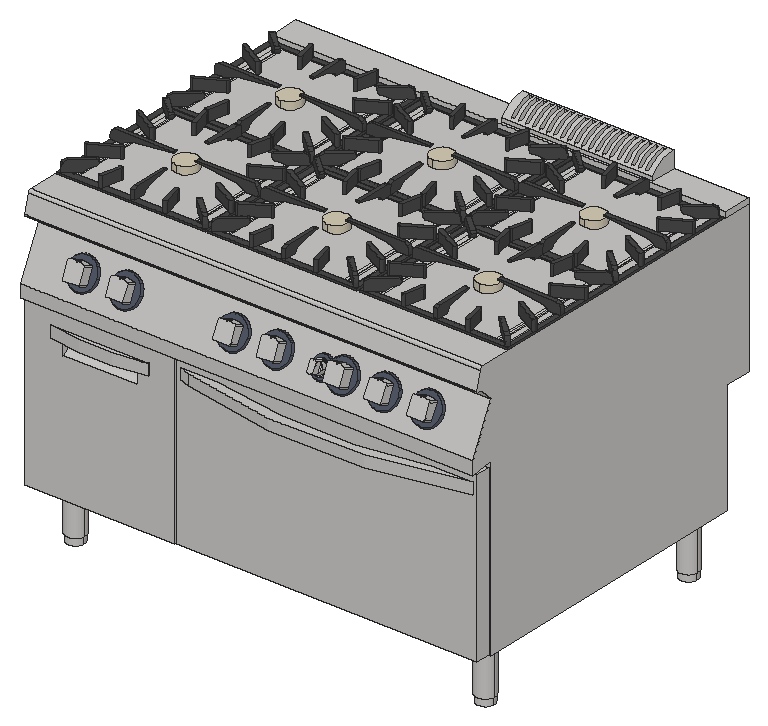
Revit family "QF_ZANUSSI_392014_Z9GCGL6S1M", category Specialty Equipment, Revit 2018
Family settings
  Round Connector Dimension = Use Diameter
  Part Type = Normal
  Work Plane-Based = No
  Always vertical = Yes
  Cut with Voids When Loaded = No
  Shared = No
  Room Calculation Point = No
Parameters
  Width = 1200 mm  # constant formula
  Weight in Pounds = 203  # constant formula
  Weight = 0.00 kg
  Watts = 0 W
  Volts = 0 V
  URL Manufacturer = "http://www.zanussiprofessional.com"
  URL Cutsheet = "www.electrolux.com"
  URL = "http://www.zanussiprofessional.com"
  Type Mark [instance] = ""
  Steam Supply Size = 0"
  Steam Supply Minimum Pressure = 0.00 psi
  Steam Supply Maximum Pressure = 0.00 psi
  Steam Pounds per Hour = 0
  Status [instance] = ""
  Specification by User [instance] = ""
  Specification by Manufacturer = ""
  Show Logo [instance] = yes
  Show Clearance [instance] = yes
  Serial Number = ""
  Seismic Rating = ""
  SMACNA No = ""
  Revision Code [instance] = ""
  Refrigeration Suction Line Size = 0"
  Refrigeration Liquid Line Size = 0"
  Refrigerant Compressor Remote = yes
  Phase = 0
  Omniclass Number and Title = ""
  NAFEM Spec ID Number = ""
  Model = "Z9GCGL6S1M"
  Mechanical Remarks [instance] = ""
  Mechanical Connection Type [instance] = ""
  Masterspec = ""
  Manufacturer = "Zanussi"
  Length Actual = 1200 mm  # constant formula
  Item Number [instance] = "392014"
  Installed By [instance] = ""
  Identify Quantity as Lot [instance] = yes
  Hot Water Size = 0"
  Height Actual = 850 mm  # constant formula
  Height = 908 mm  # constant formula
  HP = "0 HP"
  Gas Size = 1/2"  # constant formula
  Gas RI Height [instance] = 0 mm
  Gas KW [instance] = 52.5  # constant formula
  Gas Input [instance] = 1.36309 Btu/h
  Gas Connection Height = 0 mm
  Furnished By [instance] = ""
  Foodservice Equipment Identifier [instance] = yes
  Direct Waste Size = 0"
  Description = "6-BURNER(10KW)GAS RANGE+OVEN+CUPB.1200MM"
  Depth Actual = 900 mm  # constant formula
  Depth = 915 mm  # constant formula
  Cycle = 0 Hz
  Condensate Return Size = 0"
  Compressed Air Volume = 0 GPM
  Compressed Air Size = 0"
  Compressed Air Pressure = 0.00 psi
  Cold Water Size = 0"
  CSI MasterFormat = ""
  CSI Master Format = ""
  Assembly Code = ""
  Accessory = yes
Reference planes
  plane 1 "BACK": y = 0
  plane 2: z = 0
  plane 3 "LEFT": x = 0
  plane 4 "RIGHT": x = 1200
  plane 5 "FRONT": y = -700
  plane 6 "TOP": z = 908
  plane 7 "Center Y": x = 600
  plane 8 "Center X": y = -350
  plane 9 "Base": z = 150
  plane 10: z = 850
  plane 11: y = -915
  plane 12: y = -1109
  plane 13: y = -128
  plane 14: y = -802
  plane 15: y = -1309
  plane 16: y = -665
  plane 17: x = 177.499
Forms (mm)
  Extrusion 1, solid, material "QF_Finishes_Stainless Steel"
    sketch origin (0, 0, 0) x (0, 1, 0) y (0, 0, 1)
      loop
        line (0, 850) -> (-879.358, 850)
        arc (-879.358, 850) -> (-884.643, 847.811) -> (-886.833, 842.526) r 7.474
        line (-886.833, 842.526) -> (-899.884, 797.011)
        arc (-899.884, 797.011) -> (-899.396, 794.379) -> (-897, 793.184) r 3
        line (-897, 793.184) -> (-886.802, 793.184) -> (-854.982, 761.364) -> (-915, 640.508) -> (-915, 605.508) -> (-858.645, 613.428)
        arc (-858.645, 613.428) -> (-856.101, 612.674) -> (-855, 610.259) r 3.2
        line (-855, 610.259) -> (-855, 150) -> (-71, 150) -> (-71, 450) -> (0, 450) -> (0, 850)
      loop
        line (-900, 600) -> (-900, 155) -> (-860, 155) -> (-860, 600) -> (-900, 600)
    from 0 to 1200
  Extrusion 2, solid, material "QF_Finishes_Stainless Steel"
    sketch origin (0, 0, 0) x (0, -1, 0) y (0, 0, 1)
      loop
        line (0, 850) -> (76.2, 850) -> (76.2, 864.288) -> (0, 864.288) -> (0, 850)
    from 0 to -1200
  Extrusion 3, solid, material "QF_Finishes_Stainless Steel"
    sketch origin (0, -852.222, 150) x (1, 0, 0) y (0, -1, 0)
      loop
        circle (1149, -187.222) r 6.4
    from 0 to 21
  Extrusion 4, solid, material "QF_Clearances", visible <- "Show Clearance", detail levels coarse
    sketch origin (0, -200, 0) x (1, 0, 0) y (0, 1, 0)
      loop
        line (-100, -715) -> (0, -715) -> (0, 200) -> (1200, 200) -> (1200, -715) -> (1300, -715) -> (1300, 300) -> (-100, 300) -> (-100, -715)
    from 0 to 908.85
  Extrusion 5, solid, material "QF_Finishes_Stainless Steel"
    sketch origin (202.4, -200, 590.5) x (0, 1, 0) y (0, 0, 1)
      loop
        line (200, 273.788) -> (200, 317.5)
        arc (200, 317.5) -> (160.928, 308.879) -> (130.15, 283.313) r 84.854
        line (130.15, 283.313) -> (130.15, 273.788) -> (200, 273.788)
    from 400 to 800
  Revolve 6, solid, material "QF_Finishes_Stainless Steel"
    sketch origin (1, -128, 0) x (1, 0, 0) y (0, 0, 1)
      loop
        line (55, 0) -> (55, 150) -> (29.6, 150) -> (29.6, 19.05) -> (32.1, 19.05) -> (32.1, 0) -> (55, 0)
      axis (55, 0) -> (55, 150)
    angle from 0 to 360
  Revolve 7, solid, material "QF_Finishes_Stainless Steel"
    sketch origin (799, -128, 0) x (-1, 0, 0) y (0, 0, -1)
      loop
        line (-345, 0) -> (-367.9, 0) -> (-367.9, -19.05) -> (-370.4, -19.05) -> (-370.4, -150) -> (-345, -150) -> (-345, 0)
      axis (-345, 0) -> (-345, -150)
    angle from 0 to 360
  Revolve 8, solid, material "QF_Finishes_Stainless Steel"
    sketch origin (1, -802, 0) x (1, 0, 0) y (0, 0, 1)
      loop
        line (55, 0) -> (55, 150) -> (29.6, 150) -> (29.6, 19.05) -> (32.1, 19.05) -> (32.1, 0) -> (55, 0)
      axis (55, 0) -> (55, 150)
    angle from 0 to 360
  Revolve 9, solid, material "QF_Finishes_Stainless Steel"
    sketch origin (799, -802, 0) x (-1, 0, 0) y (0, 0, -1)
      loop
        line (-345, 0) -> (-367.9, 0) -> (-367.9, -19.05) -> (-370.4, -19.05) -> (-370.4, -150) -> (-345, -150) -> (-345, 0)
      axis (-345, 0) -> (-345, -150)
    angle from 0 to 360
  Extrusion 10, solid, material "QF_Finishes_Stainless Steel"
    sketch origin (0, -852.222, 150) x (1, 0, 0) y (0, -1, 0)
      loop
        circle (1157, -276.222) r 12.7
    from 0 to 5
  Extrusion 11, void
    sketch origin (-62.611, 0, 865.138) x (-1, 0, 0) y (0, -1, 0)
      loop
        line (-695.005, 6.761) -> (-685.709, 6.761) -> (-685.709, 63.911) -> (-695.005, 63.911) -> (-695.005, 6.761)
      loop
        line (-713.697, 6.761) -> (-704.401, 6.761) -> (-704.401, 63.911) -> (-713.697, 63.911) -> (-713.697, 6.761)
      loop
        line (-732.39, 6.761) -> (-723.094, 6.761) -> (-723.094, 63.911) -> (-732.39, 63.911) -> (-732.39, 6.761)
      loop
        line (-751.082, 6.761) -> (-741.787, 6.761) -> (-741.787, 63.911) -> (-751.082, 63.911) -> (-751.082, 6.761)
      loop
        line (-769.775, 6.761) -> (-760.479, 6.761) -> (-760.479, 63.911) -> (-769.775, 63.911) -> (-769.775, 6.761)
      loop
        line (-788.468, 6.761) -> (-779.172, 6.761) -> (-779.172, 63.911) -> (-788.468, 63.911) -> (-788.468, 6.761)
      loop
        line (-807.16, 6.761) -> (-797.864, 6.761) -> (-797.864, 63.911) -> (-807.16, 63.911) -> (-807.16, 6.761)
      loop
        line (-825.853, 6.761) -> (-816.557, 6.761) -> (-816.557, 63.911) -> (-825.853, 63.911) -> (-825.853, 6.761)
      loop
        line (-844.545, 6.761) -> (-835.25, 6.761) -> (-835.25, 63.911) -> (-844.545, 63.911) -> (-844.545, 6.761)
      loop
        line (-863.238, 6.761) -> (-853.942, 6.761) -> (-853.942, 63.911) -> (-863.238, 63.911) -> (-863.238, 6.761)
      loop
        line (-881.931, 6.761) -> (-872.635, 6.761) -> (-872.635, 63.911) -> (-881.931, 63.911) -> (-881.931, 6.761)
      loop
        line (-900.623, 6.761) -> (-891.328, 6.761) -> (-891.328, 63.911) -> (-900.623, 63.911) -> (-900.623, 6.761)
      loop
        line (-919.316, 6.761) -> (-910.02, 6.761) -> (-910.02, 63.911) -> (-919.316, 63.911) -> (-919.316, 6.761)
      loop
        line (-938.008, 6.761) -> (-928.713, 6.761) -> (-928.713, 63.911) -> (-938.008, 63.911) -> (-938.008, 6.761)
      loop
        line (-956.701, 6.761) -> (-947.405, 6.761) -> (-947.405, 63.911) -> (-956.701, 63.911) -> (-956.701, 6.761)
      loop
        line (-975.394, 6.761) -> (-966.098, 6.761) -> (-966.098, 63.911) -> (-975.394, 63.911) -> (-975.394, 6.761)
      loop
        line (-994.086, 6.761) -> (-984.791, 6.761) -> (-984.791, 63.911) -> (-994.086, 63.911) -> (-994.086, 6.761)
      loop
        line (-1012.779, 6.761) -> (-1003.483, 6.761) -> (-1003.483, 63.911) -> (-1012.779, 63.911) -> (-1012.779, 6.761)
      loop
        line (-1031.472, 6.761) -> (-1022.176, 6.761) -> (-1022.176, 63.911) -> (-1031.472, 63.911) -> (-1031.472, 6.761)
      loop
        line (-1050.164, 6.761) -> (-1040.868, 6.761) -> (-1040.868, 63.911) -> (-1050.164, 63.911) -> (-1050.164, 6.761)
    from 9.525 to 45.348
  Extrusion 12, void
    sketch origin (0, -700, 0) x (1, 0, 0) y (0, 0, 1)
      loop
        line (397.5, 155) -> (402.5, 155) -> (402.5, 600) -> (397.5, 600) -> (397.5, 155)
    from 160 to 200
  Extrusion 13, solid, material "QF_Finishes_Door Clearance", visible <- "Show Clearance", detail levels coarse
    sketch origin (400, -200, 0) x (0, 1, 0) y (0, 0, 1)
      loop
        arc (-700, 600) -> (-991.621, 457.58) -> (-1108.972, 155) r 445
        line (-1108.972, 155) -> (-700, 155) -> (-700, 600)
    from 2.5 to 800
  Extrusion 14, solid, material "QF_Finishes_Stainless Steel"
    sketch origin (400, -200, 150) x (-1, 0, 0) y (0, -1, 0)
      loop
        line (-790, 700) -> (-696.395, 700)
        arc (-696.395, 700) -> (-400, 735) -> (-103.605, 700) r 1272.5
        line (-103.605, 700) -> (-10, 700)
        arc (-10, 700) -> (-27.217, 705.295) -> (-44.506, 710.35) r 1297.5
        arc (-44.506, 710.35) -> (-418.013, 759.875) -> (-790, 700) r 1297.5
    from 400 to 430
  Extrusion 15, solid, material "QF_Finishes_Stainless Steel"
    sketch origin (-77.88, -4772, 130) x (-1, 0, 0) y (0, -1, 0)
      loop
        arc (-147.606, -3871.085) -> (-277.88, -3857) -> (-408.153, -3871.085) r 609.497
        line (-408.153, -3871.085) -> (-408.153, -3872) -> (-147.606, -3872) -> (-147.606, -3871.085)
    from 400 to 430
  Extrusion 16, void
    sketch origin (200, -227.863, -20) x (0, 1, 0) y (0, 0, 1)
      loop
        line (-672.137, 567) -> (-672.137, 517)
        arc (-672.137, 517) -> (-656.47, 524.721) -> (-650.137, 541) r 24.091
        line (-650.137, 541) -> (-650.137, 567) -> (-672.137, 567)
    from -100 to 100
  Extrusion 17, solid, material "QF_Finishes_Door Clearance", visible <- "Show Clearance", detail levels coarse
    sketch origin (400, -200, 850) x (1, 0, 0) y (0, 1, 0)
      loop
        line (-1.277, -672.137) -> (-400, -672.137) -> (-400, -1072.129)
        arc (-400, -1072.129) -> (-117.984, -954.526) -> (-1.277, -672.137) r 399.994
    from -695 to -250
  Blend 18, solid, material "QF_Finishes_Navy Blue"
    base sketch origin (832.5, -884.991, 700.936) x (1, 0, 0) y (0, 0.446333, 0.894867)
      loop
        arc (-35.05, -24.037) -> (42.5, 0) -> (-35.05, 24.037) r 42.5
        arc (-35.05, 24.037) -> (-83, 0) -> (-35.05, -24.037) r 30
    top sketch origin (832.5, -884.991, 700.936) x (1, 0, 0) y (0, 0.446333, 0.894867)
      loop
        arc (-34.578, -21.086) -> (40.5, 0) -> (-34.578, 21.086) r 40.5
        arc (-34.578, 21.086) -> (-81, 0) -> (-34.578, -21.086) r 28
    from 0 to 5
  Extrusion 19, solid, material "QF_Finishes_Stainless Steel"
    sketch origin (600, -884.991, 700.936) x (1, 0, 0) y (0, 0.446333, 0.894867)
      loop
        circle (177.499, -0.341) r 20
    from 5 to 10
  Extrusion 20, void
    sketch origin (832.5, -884.991, 700.936) x (1, 0, 0) y (0, -0.894867, 0.446333)
      loop
        line (-62.999, 24.837) -> (-62.999, 40) -> (-71.893, 40) -> (-71.893, 22) -> (-65.835, 22)
        arc (-65.835, 22) -> (-63.827, 22.828) -> (-62.999, 24.837) r 2.827
      loop
        arc (-47.003, 24.837) -> (-46.175, 22.828) -> (-44.167, 22) r 2.827
        line (-44.167, 22) -> (-38.109, 22) -> (-38.109, 40) -> (-47.003, 40) -> (-47.003, 24.837)
    from -20.019 to 20.019
  Extrusion 21, solid, material "QF_Finishes_Stainless Steel"
    sketch origin (600, -884.991, 700.936) x (1, 0, 0) y (0, 0.446333, 0.894867)
      loop
        arc (211.353, 22.789) -> (210.006, 21.685) -> (209.5, 20.019) r 2.997
        line (209.5, 20.019) -> (209.5, -20.019)
        arc (209.5, -20.019) -> (210.378, -22.138) -> (212.497, -23.016) r 2.997
        line (212.497, -23.016) -> (252.503, -23.016)
        arc (252.503, -23.016) -> (254.622, -22.138) -> (255.5, -20.019) r 2.997
        line (255.5, -20.019) -> (255.5, 20.019)
        arc (255.5, 20.019) -> (254.994, 21.685) -> (253.647, 22.789) r 2.997
        arc (253.647, 22.789) -> (232.5, 26.984) -> (211.353, 22.789) r 55.4
    from 5 to 34
  Blend 22, solid, material "QF_Finishes_Navy Blue"
    base sketch origin (942.5, -884.991, 700.936) x (1, 0, 0) y (0, 0.446333, 0.894867)
      loop
        circle (0, 0) r 42.5
    top sketch origin (942.5, -884.991, 700.936) x (1, 0, 0) y (0, 0.446333, 0.894867)
      loop
        circle (0, 0) r 40.5
    from 0 to 5
  Extrusion 23, solid, material "QF_Finishes_Stainless Steel"
    sketch origin (942.5, -884.991, 700.936) x (1, 0, 0) y (0, 0.446333, 0.894867)
      loop
        arc (-21.147, 22.789) -> (-22.494, 21.685) -> (-23, 20.019) r 2.997
        line (-23, 20.019) -> (-23, -20.019)
        arc (-23, -20.019) -> (-22.122, -22.138) -> (-20.003, -23.016) r 2.997
        line (-20.003, -23.016) -> (20.003, -23.016)
        arc (20.003, -23.016) -> (22.122, -22.138) -> (23, -20.019) r 2.997
        line (23, -20.019) -> (23, 20.019)
        arc (23, 20.019) -> (22.494, 21.685) -> (21.147, 22.789) r 2.997
        arc (21.147, 22.789) -> (0, 26.984) -> (-21.147, 22.789) r 55.4
    from 10 to 34
  Extrusion 24, solid, material "QF_Plastic-Black-Matte"
    sketch origin (1000, -884.991, 700.936) x (0, 0.446333, 0.894867) y (0, -0.894867, 0.446333)
      loop
        line (26.984, 34) -> (26.984, 19) -> (27.984, 19) -> (27.984, 34)
        arc (27.984, 34) -> (27.691, 34.707) -> (26.984, 35) r 1
        line (26.984, 35) -> (23.984, 35) -> (23.984, 34) -> (26.984, 34)
    from -58.5 to -56.5
  Extrusion 25, solid, material "QF_Finishes_Stainless Steel"
    sketch origin (942.5, -884.991, 700.936) x (1, 0, 0) y (0, 0.446333, 0.894867)
      loop
        line (17.5, 17.5) -> (-17.5, 17.5) -> (-17.5, -17.5) -> (17.5, -17.5) -> (17.5, 17.5)
    from 5 to 10
  Extrusion 26, solid, material "QF_Plastic-Black-Matte"
    sketch origin (1000, -884.991, 700.936) x (0, 0.446333, 0.894867) y (0, 0.894867, -0.446333)
      loop
        line (26.984, -34) -> (23.984, -34) -> (23.984, -35) -> (26.984, -35)
        arc (26.984, -35) -> (27.691, -34.707) -> (27.984, -34) r 1
        line (27.984, -34) -> (27.984, -19) -> (26.984, -19) -> (26.984, -34)
    from -58.5 to -56.5
  Extrusion 27, solid, material "QF_Finishes_Stainless Steel"
    sketch origin (1057.5, -884.991, 700.936) x (-1, 0, 0) y (0, -0.446333, -0.894867)
      loop
        line (17.5, -17.5) -> (17.5, 17.5) -> (-17.5, 17.5) -> (-17.5, -17.5) -> (17.5, -17.5)
    from 5 to 10
  Blend 28, solid, material "QF_Finishes_Navy Blue"
    base sketch origin (1057.5, -884.991, 700.936) x (1, 0, 0) y (0, 0.446333, 0.894867)
      loop
        circle (0, 0) r 42.5
    top sketch origin (1057.5, -884.991, 700.936) x (1, 0, 0) y (0, 0.446333, 0.894867)
      loop
        circle (0, 0) r 40.5
    from 0 to 5
  Extrusion 29, solid, material "QF_Finishes_Stainless Steel"
    sketch origin (1057.5, -884.991, 700.936) x (-1, 0, 0) y (0, -0.446333, -0.894867)
      loop
        arc (-21.147, -22.789) -> (0, -26.984) -> (21.147, -22.789) r 55.4
        arc (21.147, -22.789) -> (22.494, -21.685) -> (23, -20.019) r 2.997
        line (23, -20.019) -> (23, 20.019)
        arc (23, 20.019) -> (22.122, 22.138) -> (20.003, 23.016) r 2.997
        line (20.003, 23.016) -> (-20.003, 23.016)
        arc (-20.003, 23.016) -> (-22.122, 22.138) -> (-23, 20.019) r 2.997
        line (-23, 20.019) -> (-23, -20.019)
        arc (-23, -20.019) -> (-22.494, -21.685) -> (-21.147, -22.789) r 2.997
    from 10 to 34
  Extrusion 30, solid, material "QF_Finishes_Stainless Steel"
    sketch origin (600, -884.991, 700.936) x (1, 0, 0) y (0, 0.446333, 0.894867)
      loop
        circle (177.499, -0.341) r 16
    from 10 to 40
  Extrusion 31, solid, material "QF_Plastic-Black-Matte"
    sketch origin (890, -884.991, 700.936) x (0, 0.446333, 0.894867) y (0, -0.894867, 0.446333)
      loop
        line (26.984, 34) -> (26.984, 19) -> (27.984, 19) -> (27.984, 34)
        arc (27.984, 34) -> (27.691, 34.707) -> (26.984, 35) r 1
        line (26.984, 35) -> (23.984, 35) -> (23.984, 34) -> (26.984, 34)
    from -58.5 to -56.5
  Blend 32, solid, material "QF_Finishes_Navy Blue"
    base sketch origin (142.5, -884.991, 700.936) x (1, 0, 0) y (0, 0.446333, 0.894867)
      loop
        circle (0, 0) r 42.5
    top sketch origin (142.5, -884.991, 700.936) x (1, 0, 0) y (0, 0.446333, 0.894867)
      loop
        circle (0, 0) r 40.5
    from 0 to 5
  Extrusion 33, solid, material "QF_Finishes_Stainless Steel"
    sketch origin (142.5, -884.991, 700.936) x (1, 0, 0) y (0, 0.446333, 0.894867)
      loop
        arc (-21.147, 22.789) -> (-22.494, 21.685) -> (-23, 20.019) r 2.997
        line (-23, 20.019) -> (-23, -20.019)
        arc (-23, -20.019) -> (-22.122, -22.138) -> (-20.003, -23.016) r 2.997
        line (-20.003, -23.016) -> (20.003, -23.016)
        arc (20.003, -23.016) -> (22.122, -22.138) -> (23, -20.019) r 2.997
        line (23, -20.019) -> (23, 20.019)
        arc (23, 20.019) -> (22.494, 21.685) -> (21.147, 22.789) r 2.997
        arc (21.147, 22.789) -> (0, 26.984) -> (-21.147, 22.789) r 55.4
    from 10 to 34
  Extrusion 34, solid, material "QF_Plastic-Black-Matte"
    sketch origin (200, -884.991, 700.936) x (0, 0.446333, 0.894867) y (0, -0.894867, 0.446333)
      loop
        line (26.984, 34) -> (26.984, 19) -> (27.984, 19) -> (27.984, 34)
        arc (27.984, 34) -> (27.691, 34.707) -> (26.984, 35) r 1
        line (26.984, 35) -> (23.984, 35) -> (23.984, 34) -> (26.984, 34)
    from -58.5 to -56.5
  Extrusion 35, solid, material "QF_Finishes_Stainless Steel"
    sketch origin (142.5, -884.991, 700.936) x (1, 0, 0) y (0, 0.446333, 0.894867)
      loop
        line (17.5, 17.5) -> (-17.5, 17.5) -> (-17.5, -17.5) -> (17.5, -17.5) -> (17.5, 17.5)
    from 5 to 10
  Extrusion 36, solid, material "QF_Plastic-Black-Matte"
    sketch origin (200, -884.991, 700.936) x (0, 0.446333, 0.894867) y (0, 0.894867, -0.446333)
      loop
        line (26.984, -34) -> (23.984, -34) -> (23.984, -35) -> (26.984, -35)
        arc (26.984, -35) -> (27.691, -34.707) -> (27.984, -34) r 1
        line (27.984, -34) -> (27.984, -19) -> (26.984, -19) -> (26.984, -34)
    from -58.5 to -56.5
  Extrusion 37, solid, material "QF_Finishes_Stainless Steel"
    sketch origin (257.5, -884.991, 700.936) x (-1, 0, 0) y (0, -0.446333, -0.894867)
      loop
        line (17.5, -17.5) -> (17.5, 17.5) -> (-17.5, 17.5) -> (-17.5, -17.5) -> (17.5, -17.5)
    from 5 to 10
  Blend 38, solid, material "QF_Finishes_Navy Blue"
    base sketch origin (257.5, -884.991, 700.936) x (1, 0, 0) y (0, 0.446333, 0.894867)
      loop
        circle (0, 0) r 42.5
    top sketch origin (257.5, -884.991, 700.936) x (1, 0, 0) y (0, 0.446333, 0.894867)
      loop
        circle (0, 0) r 40.5
    from 0 to 5
  Extrusion 39, solid, material "QF_Finishes_Stainless Steel"
    sketch origin (257.5, -884.991, 700.936) x (-1, 0, 0) y (0, -0.446333, -0.894867)
      loop
        arc (-21.147, -22.789) -> (0, -26.984) -> (21.147, -22.789) r 55.4
        arc (21.147, -22.789) -> (22.494, -21.685) -> (23, -20.019) r 2.997
        line (23, -20.019) -> (23, 20.019)
        arc (23, 20.019) -> (22.122, 22.138) -> (20.003, 23.016) r 2.997
        line (20.003, 23.016) -> (-20.003, 23.016)
        arc (-20.003, 23.016) -> (-22.122, 22.138) -> (-23, 20.019) r 2.997
        line (-23, 20.019) -> (-23, -20.019)
        arc (-23, -20.019) -> (-22.494, -21.685) -> (-21.147, -22.789) r 2.997
    from 10 to 34
  Blend 40, solid, material "QF_Finishes_Navy Blue"
    base sketch origin (542.5, -884.991, 700.936) x (1, 0, 0) y (0, 0.446333, 0.894867)
      loop
        circle (0, 0) r 42.5
    top sketch origin (542.5, -884.991, 700.936) x (1, 0, 0) y (0, 0.446333, 0.894867)
      loop
        circle (0, 0) r 40.5
    from 0 to 5
  Extrusion 41, solid, material "QF_Finishes_Stainless Steel"
    sketch origin (542.5, -884.991, 700.936) x (1, 0, 0) y (0, 0.446333, 0.894867)
      loop
        arc (-21.147, 22.789) -> (-22.494, 21.685) -> (-23, 20.019) r 2.997
        line (-23, 20.019) -> (-23, -20.019)
        arc (-23, -20.019) -> (-22.122, -22.138) -> (-20.003, -23.016) r 2.997
        line (-20.003, -23.016) -> (20.003, -23.016)
        arc (20.003, -23.016) -> (22.122, -22.138) -> (23, -20.019) r 2.997
        line (23, -20.019) -> (23, 20.019)
        arc (23, 20.019) -> (22.494, 21.685) -> (21.147, 22.789) r 2.997
        arc (21.147, 22.789) -> (0, 26.984) -> (-21.147, 22.789) r 55.4
    from 10 to 34
  Extrusion 42, solid, material "QF_Plastic-Black-Matte"
    sketch origin (600, -884.991, 700.936) x (0, 0.446333, 0.894867) y (0, -0.894867, 0.446333)
      loop
        line (26.984, 34) -> (26.984, 19) -> (27.984, 19) -> (27.984, 34)
        arc (27.984, 34) -> (27.691, 34.707) -> (26.984, 35) r 1
        line (26.984, 35) -> (23.984, 35) -> (23.984, 34) -> (26.984, 34)
    from -58.5 to -56.5
  Extrusion 43, solid, material "QF_Finishes_Stainless Steel"
    sketch origin (542.5, -884.991, 700.936) x (1, 0, 0) y (0, 0.446333, 0.894867)
      loop
        line (17.5, 17.5) -> (-17.5, 17.5) -> (-17.5, -17.5) -> (17.5, -17.5) -> (17.5, 17.5)
    from 5 to 10
  Extrusion 44, solid, material "QF_Plastic-Black-Matte"
    sketch origin (600, -884.991, 700.936) x (0, 0.446333, 0.894867) y (0, 0.894867, -0.446333)
      loop
        line (26.984, -34) -> (23.984, -34) -> (23.984, -35) -> (26.984, -35)
        arc (26.984, -35) -> (27.691, -34.707) -> (27.984, -34) r 1
        line (27.984, -34) -> (27.984, -19) -> (26.984, -19) -> (26.984, -34)
    from -58.5 to -56.5
  Extrusion 45, solid, material "QF_Finishes_Stainless Steel"
    sketch origin (657.5, -884.991, 700.936) x (-1, 0, 0) y (0, -0.446333, -0.894867)
      loop
        line (17.5, -17.5) -> (17.5, 17.5) -> (-17.5, 17.5) -> (-17.5, -17.5) -> (17.5, -17.5)
    from 5 to 10
  Blend 46, solid, material "QF_Finishes_Navy Blue"
    base sketch origin (657.5, -884.991, 700.936) x (1, 0, 0) y (0, 0.446333, 0.894867)
      loop
        circle (0, 0) r 42.5
    top sketch origin (657.5, -884.991, 700.936) x (1, 0, 0) y (0, 0.446333, 0.894867)
      loop
        circle (0, 0) r 40.5
    from 0 to 5
  Extrusion 47, solid, material "QF_Finishes_Stainless Steel"
    sketch origin (657.5, -884.991, 700.936) x (-1, 0, 0) y (0, -0.446333, -0.894867)
      loop
        arc (-21.147, -22.789) -> (0, -26.984) -> (21.147, -22.789) r 55.4
        arc (21.147, -22.789) -> (22.494, -21.685) -> (23, -20.019) r 2.997
        line (23, -20.019) -> (23, 20.019)
        arc (23, 20.019) -> (22.122, 22.138) -> (20.003, 23.016) r 2.997
        line (20.003, 23.016) -> (-20.003, 23.016)
        arc (-20.003, 23.016) -> (-22.122, 22.138) -> (-23, 20.019) r 2.997
        line (-23, 20.019) -> (-23, -20.019)
        arc (-23, -20.019) -> (-22.494, -21.685) -> (-21.147, -22.789) r 2.997
    from 10 to 34
Cuts and joins
  Extrusion 11 cuts Extrusion 5
  Extrusion 12, Extrusion 16 cuts Extrusion 1
  Extrusion 20 cuts Extrusion 30
Lines and regions (mm)
  Split face 1
    outline origin (832.5, -889.465, 703.168) x (1, 0, 0) y (0, 0.446333, 0.894867)
      loop
        circle (0, 33) r 1
  Split face 2
    outline origin (832.5, -889.465, 703.168) x (1, 0, 0) y (0, 0.446333, 0.894867)
      loop
        circle (-8.541, 31.876) r 1
  Split face 3
    outline origin (832.5, -889.465, 703.168) x (1, 0, 0) y (0, 0.446333, 0.894867)
      loop
        circle (-16.5, 28.579) r 1
  Split face 4
    outline origin (832.5, -889.465, 703.168) x (1, 0, 0) y (0, 0.446333, 0.894867)
      loop
        circle (-23.335, 23.335) r 1
  Split face 5
    outline origin (832.5, -889.465, 703.168) x (1, 0, 0) y (0, 0.446333, 0.894867)
      loop
        circle (-28.579, 16.5) r 1
  Split face 6
    outline origin (832.5, -889.465, 703.168) x (1, 0, 0) y (0, 0.446333, 0.894867)
      loop
        circle (-31.876, 8.541) r 1
  Split face 7
    outline origin (832.5, -889.465, 703.168) x (1, 0, 0) y (0, 0.446333, 0.894867)
      loop
        circle (-33, 0) r 1
  Split face 8
    outline origin (832.5, -889.465, 703.168) x (-1, 0, 0) y (0, 0.446333, 0.894867)
      loop
        circle (-8.541, 31.876) r 1
  Split face 9
    outline origin (832.5, -889.465, 703.168) x (-1, 0, 0) y (0, 0.446333, 0.894867)
      loop
        circle (-16.5, 28.579) r 1
  Split face 10
    outline origin (832.5, -889.465, 703.168) x (-1, 0, 0) y (0, 0.446333, 0.894867)
      loop
        circle (-23.335, 23.335) r 1
  Split face 11
    outline origin (832.5, -889.465, 703.168) x (-1, 0, 0) y (0, 0.446333, 0.894867)
      loop
        circle (-28.579, 16.5) r 1
  Split face 12
    outline origin (832.5, -889.465, 703.168) x (-1, 0, 0) y (0, 0.446333, 0.894867)
      loop
        circle (-31.876, 8.541) r 1
  Split face 13
    outline origin (832.5, -889.465, 703.168) x (1, 0, 0) y (0, -0.446333, -0.894867)
      loop
        circle (0, 33) r 1
  Split face 14
    outline origin (832.5, -889.465, 703.168) x (1, 0, 0) y (0, -0.446333, -0.894867)
      loop
        circle (-8.541, 31.876) r 1
  Split face 15
    outline origin (832.5, -889.465, 703.168) x (1, 0, 0) y (0, -0.446333, -0.894867)
      loop
        circle (-16.5, 28.579) r 1
  Split face 16
    outline origin (832.5, -889.465, 703.168) x (1, 0, 0) y (0, -0.446333, -0.894867)
      loop
        circle (-23.335, 23.335) r 1
  Split face 17
    outline origin (832.5, -889.465, 703.168) x (1, 0, 0) y (0, -0.446333, -0.894867)
      loop
        circle (-28.579, 16.5) r 1
  Split face 18
    outline origin (832.5, -889.465, 703.168) x (1, 0, 0) y (0, -0.446333, -0.894867)
      loop
        circle (-31.876, 8.541) r 1
  Split face 19
    outline origin (832.5, -889.465, 703.168) x (-1, 0, 0) y (0, -0.446333, -0.894867)
      loop
        circle (-8.541, 31.876) r 1
  Split face 20
    outline origin (832.5, -889.465, 703.168) x (-1, 0, 0) y (0, -0.446333, -0.894867)
      loop
        circle (-16.5, 28.579) r 1
  Split face 21
    outline origin (832.5, -889.465, 703.168) x (-1, 0, 0) y (0, -0.446333, -0.894867)
      loop
        circle (-23.335, 23.335) r 1
  Split face 22
    outline origin (832.5, -889.465, 703.168) x (-1, 0, 0) y (0, -0.446333, -0.894867)
      loop
        circle (-28.579, 16.5) r 1
  Split face 23
    outline origin (832.5, -889.465, 703.168) x (-1, 0, 0) y (0, -0.446333, -0.894867)
      loop
        circle (-31.876, 8.541) r 1
  Split face 24
    outline origin (832.5, -889.465, 703.168) x (1, 0, 0) y (0, 0.446333, 0.894867)
      loop
        circle (33, 0) r 1
  Split face 25
    outline origin (832.5, -889.465, 703.168) x (1, 0, 0) y (0, 0.446333, 0.894867)
      loop
        circle (-55.001, 22) r 1.508
  Split face 26
    outline origin (832.5, -889.465, 703.168) x (1, 0, 0) y (0, 0.446333, 0.894867)
      loop
        circle (-77.001, 0) r 1.343
  Split face 27
    outline origin (832.5, -889.465, 703.168) x (1, 0, 0) y (0, 0.446333, 0.894867)
      loop
        line (-56.273, -20.786) -> (-56.273, -25.164) -> (-53.729, -25.164) -> (-53.729, -20.786) -> (-56.273, -20.786)
  Split face 28
    outline origin (942.5, -889.465, 703.168) x (1, 0, 0) y (0, 0.446333, 0.894867)
      loop
        circle (-33, 0) r 3
  Split face 29
    outline origin (1063.401, -889.465, 703.168) x (1, 0, 0) y (0, 0.446333, 0.894867)
      loop
        line (-8.901, 38.561) -> (-8.901, 28.561) -> (-2.901, 28.561) -> (-2.901, 38.561) -> (-8.901, 38.561)
  Split face 30
    outline origin (1063.401, -889.465, 703.168) x (1, 0, 0) y (0, 0.446333, 0.894867)
      loop
        line (-8.401, 38.061) -> (-8.401, 29.061) -> (-3.401, 29.061) -> (-3.401, 38.061) -> (-8.401, 38.061)
  Split face 31
    outline origin (1063.401, -889.465, 703.168) x (1, 0, 0) y (0, 0.446333, 0.894867)
      loop
        line (-8.401, 33.561) -> (-3.401, 33.561)
  Split face 32
    outline origin (1063.401, -889.465, 703.168) x (1, 0, 0) y (0, 0.446333, 0.894867)
      loop
        line (-8.401, 33.061) -> (-3.401, 33.061)
  Split face 33
    outline origin (948.401, -889.465, 703.168) x (1, 0, 0) y (0, 0.446333, 0.894867)
      loop
        line (-8.901, 38.561) -> (-8.901, 28.561) -> (-2.901, 28.561) -> (-2.901, 38.561) -> (-8.901, 38.561)
  Split face 34
    outline origin (948.401, -889.465, 703.168) x (1, 0, 0) y (0, 0.446333, 0.894867)
      loop
        line (-8.401, 38.061) -> (-8.401, 29.061) -> (-3.401, 29.061) -> (-3.401, 38.061) -> (-8.401, 38.061)
  Split face 35
    outline origin (948.401, -889.465, 703.168) x (1, 0, 0) y (0, 0.446333, 0.894867)
      loop
        line (-8.401, 34.061) -> (-3.401, 34.061)
  Split face 36
    outline origin (948.401, -889.465, 703.168) x (1, 0, 0) y (0, 0.446333, 0.894867)
      loop
        line (-8.401, 33.561) -> (-3.401, 33.561)
  Split face 37
    outline origin (968.157, -875.106, 731.958) x (-1, 0, 0) y (0, -0.446333, -0.894867)
      loop
        circle (43.456, 61.543) r 1.5
  Split face 38
    outline origin (948.401, -889.465, 703.168) x (1, 0, 0) y (0, 0.446333, 0.894867)
      loop
        circle (-5.901, 31.311) r 2.029
  Split face 39
    outline origin (1063.401, -889.465, 703.168) x (1, 0, 0) y (0, 0.446333, 0.894867)
      loop
        circle (-5.901, 35.811) r 2.031
  Split face 40
    outline origin (942.5, -889.465, 703.168) x (1, 0, 0) y (0, 0.446333, 0.894867)
      loop
        circle (-24.487, 26.694) r 3.497
  Split face 41
    outline origin (1057.5, -889.465, 703.168) x (1, 0, 0) y (0, 0.446333, 0.894867)
      loop
        circle (-24.487, 26.694) r 3.497
  Split face 42
    outline origin (1057.5, -889.465, 703.168) x (1, 0, 0) y (0, 0.446333, 0.894867)
      loop
        circle (-33, 0) r 3
  Split face 43
    outline origin (1057.5, -889.465, 703.168) x (1, 0, 0) y (0, 0.446333, 0.894867)
      loop
        circle (-17.8, -29.371) r 1.5
  Split face 44
    outline origin (142.5, -889.465, 703.168) x (1, 0, 0) y (0, 0.446333, 0.894867)
      loop
        circle (-33, 0) r 3
  Split face 45
    outline origin (263.401, -889.465, 703.168) x (1, 0, 0) y (0, 0.446333, 0.894867)
      loop
        line (-8.901, 38.561) -> (-8.901, 28.561) -> (-2.901, 28.561) -> (-2.901, 38.561) -> (-8.901, 38.561)
  Split face 46
    outline origin (263.401, -889.465, 703.168) x (1, 0, 0) y (0, 0.446333, 0.894867)
      loop
        line (-8.401, 38.061) -> (-8.401, 29.061) -> (-3.401, 29.061) -> (-3.401, 38.061) -> (-8.401, 38.061)
  Split face 47
    outline origin (263.401, -889.465, 703.168) x (1, 0, 0) y (0, 0.446333, 0.894867)
      loop
        line (-8.401, 33.561) -> (-3.401, 33.561)
  Split face 48
    outline origin (263.401, -889.465, 703.168) x (1, 0, 0) y (0, 0.446333, 0.894867)
      loop
        line (-8.401, 33.061) -> (-3.401, 33.061)
  Split face 49
    outline origin (148.401, -889.465, 703.168) x (1, 0, 0) y (0, 0.446333, 0.894867)
      loop
        line (-8.901, 38.561) -> (-8.901, 28.561) -> (-2.901, 28.561) -> (-2.901, 38.561) -> (-8.901, 38.561)
  Split face 50
    outline origin (148.401, -889.465, 703.168) x (1, 0, 0) y (0, 0.446333, 0.894867)
      loop
        line (-8.401, 38.061) -> (-8.401, 29.061) -> (-3.401, 29.061) -> (-3.401, 38.061) -> (-8.401, 38.061)
  Split face 51
    outline origin (148.401, -889.465, 703.168) x (1, 0, 0) y (0, 0.446333, 0.894867)
      loop
        line (-8.401, 34.061) -> (-3.401, 34.061)
  Split face 52
    outline origin (148.401, -889.465, 703.168) x (1, 0, 0) y (0, 0.446333, 0.894867)
      loop
        line (-8.401, 33.561) -> (-3.401, 33.561)
  Split face 53
    outline origin (168.157, -875.106, 731.958) x (-1, 0, 0) y (0, -0.446333, -0.894867)
      loop
        circle (43.456, 61.543) r 1.5
  Split face 54
    outline origin (148.401, -889.465, 703.168) x (1, 0, 0) y (0, 0.446333, 0.894867)
      loop
        circle (-5.901, 31.311) r 2.029
  Split face 55
    outline origin (263.401, -889.465, 703.168) x (1, 0, 0) y (0, 0.446333, 0.894867)
      loop
        circle (-5.901, 35.811) r 2.031
  Split face 56
    outline origin (142.5, -889.465, 703.168) x (1, 0, 0) y (0, 0.446333, 0.894867)
      loop
        circle (-24.487, 26.694) r 3.497
  Split face 57
    outline origin (257.5, -889.465, 703.168) x (1, 0, 0) y (0, 0.446333, 0.894867)
      loop
        circle (-24.487, 26.694) r 3.497
  Split face 58
    outline origin (257.5, -889.465, 703.168) x (1, 0, 0) y (0, 0.446333, 0.894867)
      loop
        circle (-33, 0) r 3
  Split face 59
    outline origin (257.5, -889.465, 703.168) x (1, 0, 0) y (0, 0.446333, 0.894867)
      loop
        circle (-17.8, -29.371) r 1.5
  Split face 60
    outline origin (542.5, -889.465, 703.168) x (1, 0, 0) y (0, 0.446333, 0.894867)
      loop
        circle (-33, 0) r 3
  Split face 61
    outline origin (663.401, -889.465, 703.168) x (1, 0, 0) y (0, 0.446333, 0.894867)
      loop
        line (-8.901, 38.561) -> (-8.901, 28.561) -> (-2.901, 28.561) -> (-2.901, 38.561) -> (-8.901, 38.561)
  Split face 62
    outline origin (663.401, -889.465, 703.168) x (1, 0, 0) y (0, 0.446333, 0.894867)
      loop
        line (-8.401, 38.061) -> (-8.401, 29.061) -> (-3.401, 29.061) -> (-3.401, 38.061) -> (-8.401, 38.061)
  Split face 63
    outline origin (663.401, -889.465, 703.168) x (1, 0, 0) y (0, 0.446333, 0.894867)
      loop
        line (-8.401, 33.561) -> (-3.401, 33.561)
  Split face 64
    outline origin (663.401, -889.465, 703.168) x (1, 0, 0) y (0, 0.446333, 0.894867)
      loop
        line (-8.401, 33.061) -> (-3.401, 33.061)
  Split face 65
    outline origin (548.401, -889.465, 703.168) x (1, 0, 0) y (0, 0.446333, 0.894867)
      loop
        line (-8.901, 38.561) -> (-8.901, 28.561) -> (-2.901, 28.561) -> (-2.901, 38.561) -> (-8.901, 38.561)
  Split face 66
    outline origin (548.401, -889.465, 703.168) x (1, 0, 0) y (0, 0.446333, 0.894867)
      loop
        line (-8.401, 38.061) -> (-8.401, 29.061) -> (-3.401, 29.061) -> (-3.401, 38.061) -> (-8.401, 38.061)
  Split face 67
    outline origin (548.401, -889.465, 703.168) x (1, 0, 0) y (0, 0.446333, 0.894867)
      loop
        line (-8.401, 34.061) -> (-3.401, 34.061)
  Split face 68
    outline origin (548.401, -889.465, 703.168) x (1, 0, 0) y (0, 0.446333, 0.894867)
      loop
        line (-8.401, 33.561) -> (-3.401, 33.561)
  Split face 69
    outline origin (568.157, -875.106, 731.958) x (-1, 0, 0) y (0, -0.446333, -0.894867)
      loop
        circle (43.456, 61.543) r 1.5
  Split face 70
    outline origin (548.401, -889.465, 703.168) x (1, 0, 0) y (0, 0.446333, 0.894867)
      loop
        circle (-5.901, 31.311) r 2.029
  Split face 71
    outline origin (663.401, -889.465, 703.168) x (1, 0, 0) y (0, 0.446333, 0.894867)
      loop
        circle (-5.901, 35.811) r 2.031
  Split face 72
    outline origin (542.5, -889.465, 703.168) x (1, 0, 0) y (0, 0.446333, 0.894867)
      loop
        circle (-24.487, 26.694) r 3.497
  Split face 73
    outline origin (657.5, -889.465, 703.168) x (1, 0, 0) y (0, 0.446333, 0.894867)
      loop
        circle (-24.487, 26.694) r 3.497
  Split face 74
    outline origin (657.5, -889.465, 703.168) x (1, 0, 0) y (0, 0.446333, 0.894867)
      loop
        circle (-33, 0) r 3
  Split face 75
    outline origin (657.5, -889.465, 703.168) x (1, 0, 0) y (0, 0.446333, 0.894867)
      loop
        circle (-17.8, -29.371) r 1.5
  symbolic lines, style "QF_Door-Drawer Clearances"
    curve 1: line (0, -915, 150) -> (0, -1272.129, 150)
    curve 2: line (402.5, -1309, 150) -> (1200, -1309, 150)
    curve 3: line (1200, -1309, 150) -> (1200, -915, 150)
    curve 184: line (402.5, -915, 150) -> (402.5, -1309, 150)
    curve 185: arc (0, -1272.129, 0) -> (266.456, -1169.32, 0) -> (396.42, -915, 0) r 399.994
  symbolic lines
    curve 4: line (0, 0, 150) -> (0, -915, 150)
    curve 5: line (1200, -915, 150) -> (1200, 0, 150)
    curve 6: line (0, 0, 150) -> (1200, 0, 150)
    curve 10: line (632.394, -6.761, 150) -> (632.394, -63.911, 150)
    curve 11: line (632.394, -63.911, 150) -> (623.098, -63.911, 150)
    curve 12: line (623.098, -63.911, 150) -> (623.098, -6.761, 150)
    curve 13: line (623.098, -6.761, 150) -> (632.394, -6.761, 150)
    curve 14: line (838.012, -6.761, 150) -> (838.012, -63.911, 150)
    curve 15: line (838.012, -63.911, 150) -> (828.717, -63.911, 150)
    curve 16: line (828.717, -63.911, 150) -> (828.717, -6.761, 150)
    curve 17: line (828.717, -6.761, 150) -> (838.012, -6.761, 150)
    curve 18: line (819.32, -6.761, 150) -> (819.32, -63.911, 150)
    curve 19: line (819.32, -63.911, 150) -> (810.024, -63.911, 150)
    curve 20: line (810.024, -63.911, 150) -> (810.024, -6.761, 150)
    curve 21: line (810.024, -6.761, 150) -> (819.32, -6.761, 150)
    curve 22: line (800.627, -6.761, 150) -> (800.627, -63.911, 150)
    curve 23: line (800.627, -63.911, 150) -> (791.331, -63.911, 150)
    curve 24: line (791.331, -63.911, 150) -> (791.331, -6.761, 150)
    curve 25: line (791.331, -6.761, 150) -> (800.627, -6.761, 150)
    curve 26: line (781.934, -6.761, 150) -> (781.934, -63.911, 150)
    curve 27: line (781.934, -63.911, 150) -> (772.639, -63.911, 150)
    curve 28: line (772.639, -63.911, 150) -> (772.639, -6.761, 150)
    curve 29: line (772.639, -6.761, 150) -> (781.934, -6.761, 150)
    curve 30: line (763.242, -6.761, 150) -> (763.242, -63.911, 150)
    curve 31: line (763.242, -63.911, 150) -> (753.946, -63.911, 150)
    curve 32: line (753.946, -63.911, 150) -> (753.946, -6.761, 150)
    curve 33: line (753.946, -6.761, 150) -> (763.242, -6.761, 150)
    curve 34: line (744.549, -6.761, 150) -> (744.549, -63.911, 150)
    curve 35: line (744.549, -63.911, 150) -> (735.253, -63.911, 150)
    curve 36: line (735.253, -63.911, 150) -> (735.253, -6.761, 150)
    curve 37: line (735.253, -6.761, 150) -> (744.549, -6.761, 150)
    curve 38: line (725.857, -6.761, 150) -> (725.857, -63.911, 150)
    curve 39: line (725.857, -63.911, 150) -> (716.561, -63.911, 150)
    curve 40: line (716.561, -63.911, 150) -> (716.561, -6.761, 150)
    curve 41: line (716.561, -6.761, 150) -> (725.857, -6.761, 150)
    curve 42: line (707.164, -6.761, 150) -> (707.164, -63.911, 150)
    curve 43: line (707.164, -63.911, 150) -> (697.868, -63.911, 150)
    curve 44: line (697.868, -63.911, 150) -> (697.868, -6.761, 150)
    curve 45: line (697.868, -6.761, 150) -> (707.164, -6.761, 150)
    curve 46: line (688.471, -6.761, 150) -> (688.471, -63.911, 150)
    curve 47: line (688.471, -63.911, 150) -> (679.176, -63.911, 150)
    curve 48: line (679.176, -63.911, 150) -> (679.176, -6.761, 150)
    curve 49: line (679.176, -6.761, 150) -> (688.471, -6.761, 150)
    curve 50: line (669.779, -6.761, 150) -> (669.779, -63.911, 150)
    curve 51: line (669.779, -63.911, 150) -> (660.483, -63.911, 150)
    curve 52: line (660.483, -63.911, 150) -> (660.483, -6.761, 150)
    curve 53: line (660.483, -6.761, 150) -> (669.779, -6.761, 150)
    curve 54: line (651.086, -6.761, 150) -> (651.086, -63.911, 150)
    curve 55: line (651.086, -63.911, 150) -> (641.79, -63.911, 150)
    curve 56: line (641.79, -63.911, 150) -> (641.79, -6.761, 150)
    curve 57: line (641.79, -6.761, 150) -> (651.086, -6.761, 150)
    curve 58: line (987.553, -6.761, 150) -> (987.553, -63.911, 150)
    curve 59: line (987.553, -63.911, 150) -> (978.257, -63.911, 150)
    curve 60: line (978.257, -63.911, 150) -> (978.257, -6.761, 150)
    curve 61: line (978.257, -6.761, 150) -> (987.553, -6.761, 150)
    curve 62: line (968.861, -6.761, 150) -> (968.861, -63.911, 150)
    curve 63: line (968.861, -63.911, 150) -> (959.565, -63.911, 150)
    curve 64: line (959.565, -63.911, 150) -> (959.565, -6.761, 150)
    curve 65: line (959.565, -6.761, 150) -> (968.861, -6.761, 150)
    curve 66: line (950.168, -6.761, 150) -> (950.168, -63.911, 150)
    curve 67: line (950.168, -63.911, 150) -> (940.872, -63.911, 150)
    curve 68: line (940.872, -63.911, 150) -> (940.872, -6.761, 150)
    curve 69: line (940.872, -6.761, 150) -> (950.168, -6.761, 150)
    curve 70: line (931.475, -6.761, 150) -> (931.475, -63.911, 150)
    curve 71: line (931.475, -63.911, 150) -> (922.18, -63.911, 150)
    curve 72: line (922.18, -63.911, 150) -> (922.18, -6.761, 150)
    curve 73: line (922.18, -6.761, 150) -> (931.475, -6.761, 150)
    curve 74: line (912.783, -6.761, 150) -> (912.783, -63.911, 150)
    curve 75: line (912.783, -63.911, 150) -> (903.487, -63.911, 150)
    curve 76: line (903.487, -63.911, 150) -> (903.487, -6.761, 150)
    curve 77: line (903.487, -6.761, 150) -> (912.783, -6.761, 150)
    curve 78: line (894.09, -6.761, 150) -> (894.09, -63.911, 150)
    curve 79: line (894.09, -63.911, 150) -> (884.794, -63.911, 150)
    curve 80: line (884.794, -63.911, 150) -> (884.794, -6.761, 150)
    curve 81: line (884.794, -6.761, 150) -> (894.09, -6.761, 150)
    curve 82: line (875.397, -6.761, 150) -> (875.397, -63.911, 150)
    curve 83: line (875.397, -63.911, 150) -> (866.102, -63.911, 150)
    curve 84: line (866.102, -63.911, 150) -> (866.102, -6.761, 150)
    curve 85: line (866.102, -6.761, 150) -> (875.397, -6.761, 150)
    curve 86: line (856.705, -6.761, 150) -> (856.705, -63.911, 150)
    curve 87: line (856.705, -63.911, 150) -> (847.409, -63.911, 150)
    curve 88: line (847.409, -63.911, 150) -> (847.409, -6.761, 150)
    curve 89: line (847.409, -6.761, 150) -> (856.705, -6.761, 150)
    curve 90: line (1002.4, -69.85, 150) -> (1002.4, 0, 150)
    curve 91: line (602.4, -69.85, 150) -> (602.4, 0, 150)
    curve 92: line (602.4, -69.85, 0) -> (1002.4, -69.85, 0)
    curve 93: line (0, -76.2, 0) -> (1200, -76.2, 0)
    curve 94: line (119.5, -900, 0) -> (119.5, -924.347, 0)
    curve 95: arc (119.5, -924.347, 0) -> (119.646, -924.811, 0) -> (120.032, -925.107, 0) r 0.809
    curve 96: arc (120.032, -925.107, 0) -> (121.22, -925.587, 0) -> (122.497, -925.68, 0) r 4.127
    curve 97: arc (119.5, -904.292, 0) -> (114.459, -902.458, 0) -> (109.691, -900, 0) r 42.24
    curve 98: arc (119.5, -906.539, 0) -> (120.002, -905.818, 0) -> (120.799, -905.448, 0) r 1.682
    curve 99: arc (120.799, -905.448, 0) -> (131.102, -903.95, 0) -> (141.5, -903.441, 0) r 109.079
    curve 100: line (141.5, -900, 0) -> (141.5, -905.671, 0)
    curve 101: line (141.5, -905.671, 0) -> (143.5, -905.671, 0)
    curve 102: line (143.5, -905.671, 0) -> (143.5, -900, 0)
    curve 103: line (165.5, -900, 0) -> (165.5, -924.347, 0)
    curve 104: arc (165.5, -924.347, 0) -> (165.354, -924.811, 0) -> (164.968, -925.107, 0) r 0.809
    curve 105: arc (164.968, -925.107, 0) -> (163.78, -925.587, 0) -> (162.503, -925.68, 0) r 4.127
    curve 106: arc (165.5, -904.292, 0) -> (170.541, -902.458, 0) -> (175.309, -900, 0) r 42.24
    curve 107: arc (165.5, -906.539, 0) -> (164.998, -905.818, 0) -> (164.201, -905.448, 0) r 1.682
    curve 108: arc (164.201, -905.448, 0) -> (153.898, -903.95, 0) -> (143.5, -903.441, 0) r 109.079
    curve 109: line (122.497, -925.68, 0) -> (162.503, -925.68, 0)
    curve 110: line (234.5, -900, 0) -> (234.5, -924.347, 0)
    curve 111: arc (234.5, -924.347, 0) -> (234.646, -924.811, 0) -> (235.032, -925.107, 0) r 0.809
    curve 112: arc (235.032, -925.107, 0) -> (236.22, -925.587, 0) -> (237.497, -925.68, 0) r 4.127
    curve 113: arc (234.5, -904.292, 0) -> (229.459, -902.458, 0) -> (224.691, -900, 0) r 42.24
    curve 114: arc (234.5, -906.539, 0) -> (235.002, -905.818, 0) -> (235.799, -905.448, 0) r 1.682
    curve 115: arc (235.799, -905.448, 0) -> (246.102, -903.95, 0) -> (256.5, -903.441, 0) r 109.079
    curve 116: line (256.5, -900, 0) -> (256.5, -905.671, 0)
    curve 117: line (256.5, -905.671, 0) -> (258.5, -905.671, 0)
    curve 118: line (258.5, -905.671, 0) -> (258.5, -900, 0)
    curve 119: line (280.5, -900, 0) -> (280.5, -924.347, 0)
    curve 120: arc (280.5, -924.347, 0) -> (280.354, -924.811, 0) -> (279.968, -925.107, 0) r 0.809
    curve 121: arc (279.968, -925.107, 0) -> (278.78, -925.587, 0) -> (277.503, -925.68, 0) r 4.127
    curve 122: arc (280.5, -904.292, 0) -> (285.541, -902.458, 0) -> (290.309, -900, 0) r 42.24
    curve 123: arc (280.5, -906.539, 0) -> (279.998, -905.818, 0) -> (279.201, -905.448, 0) r 1.682
    curve 124: arc (279.201, -905.448, 0) -> (268.898, -903.95, 0) -> (258.5, -903.441, 0) r 109.079
    curve 125: line (237.497, -925.68, 0) -> (277.503, -925.68, 0)
    curve 126: line (809.5, -900, 0) -> (809.5, -924.347, 0)
    curve 127: arc (809.5, -924.347, 0) -> (809.646, -924.811, 0) -> (810.032, -925.107, 0) r 0.809
    curve 128: arc (810.032, -925.107, 0) -> (811.22, -925.587, 0) -> (812.497, -925.68, 0) r 4.127
    curve 129: arc (809.5, -904.292, 0) -> (804.459, -902.458, 0) -> (799.691, -900, 0) r 42.24
    curve 130: arc (809.5, -906.539, 0) -> (810.002, -905.818, 0) -> (810.799, -905.448, 0) r 1.682
    curve 131: arc (810.799, -905.448, 0) -> (821.102, -903.95, 0) -> (831.5, -903.441, 0) r 109.079
    curve 132: line (831.5, -900, 0) -> (831.5, -905.671, 0)
    curve 133: line (831.5, -905.671, 0) -> (833.5, -905.671, 0)
    curve 134: line (833.5, -905.671, 0) -> (833.5, -900, 0)
    curve 135: line (855.5, -900, 0) -> (855.5, -924.347, 0)
    curve 136: arc (855.5, -924.347, 0) -> (855.354, -924.811, 0) -> (854.968, -925.107, 0) r 0.809
    curve 137: arc (854.968, -925.107, 0) -> (853.78, -925.587, 0) -> (852.503, -925.68, 0) r 4.127
    curve 138: arc (855.5, -904.292, 0) -> (860.541, -902.458, 0) -> (865.309, -900, 0) r 42.24
    curve 139: arc (855.5, -906.539, 0) -> (854.998, -905.818, 0) -> (854.201, -905.448, 0) r 1.682
    curve 140: arc (854.201, -905.448, 0) -> (843.898, -903.95, 0) -> (833.5, -903.441, 0) r 109.079
    curve 141: line (812.497, -925.68, 0) -> (852.503, -925.68, 0)
    curve 142: line (1034.5, -900, 0) -> (1034.5, -924.347, 0)
    curve 143: arc (1034.5, -924.347, 0) -> (1034.646, -924.811, 0) -> (1035.032, -925.107, 0) r 0.809
    curve 144: arc (1035.032, -925.107, 0) -> (1036.22, -925.587, 0) -> (1037.497, -925.68, 0) r 4.127
    curve 145: arc (1034.5, -904.292, 0) -> (1029.459, -902.458, 0) -> (1024.691, -900, 0) r 42.24
    curve 146: arc (1034.5, -906.539, 0) -> (1035.002, -905.818, 0) -> (1035.799, -905.448, 0) r 1.682
    curve 147: arc (1035.799, -905.448, 0) -> (1046.102, -903.95, 0) -> (1056.5, -903.441, 0) r 109.079
    curve 148: line (1056.5, -900, 0) -> (1056.5, -905.671, 0)
    curve 149: line (1056.5, -905.671, 0) -> (1058.5, -905.671, 0)
    curve 150: line (1058.5, -905.671, 0) -> (1058.5, -900, 0)
    curve 151: line (1080.5, -900, 0) -> (1080.5, -924.347, 0)
    curve 152: arc (1080.5, -924.347, 0) -> (1080.354, -924.811, 0) -> (1079.968, -925.107, 0) r 0.809
    curve 153: arc (1079.968, -925.107, 0) -> (1078.78, -925.587, 0) -> (1077.503, -925.68, 0) r 4.127
    curve 154: arc (1080.5, -904.292, 0) -> (1085.541, -902.458, 0) -> (1090.309, -900, 0) r 42.24
    curve 155: arc (1080.5, -906.539, 0) -> (1079.998, -905.818, 0) -> (1079.201, -905.448, 0) r 1.682
    curve 156: arc (1079.201, -905.448, 0) -> (1068.898, -903.95, 0) -> (1058.5, -903.441, 0) r 109.079
    curve 157: line (1037.497, -925.68, 0) -> (1077.503, -925.68, 0)
    curve 158: line (0, -900, 0) -> (1200, -900, 0)
    curve 159: line (0, -915.129, 0) -> (119.5, -915.129, 0)
    curve 160: line (165.5, -915.129, 0) -> (234.5, -915.129, 0)
    curve 161: line (785.497, -915.129, 0) -> (809.5, -915.129, 0)
    curve 162: line (855.5, -915.129, 0) -> (919.5, -915.129, 0)
    curve 163: line (1080.5, -915.129, 0) -> (1200, -915.129, 0)
    curve 164: line (919.5, -900, 0) -> (919.5, -924.347, 0)
    curve 165: arc (919.5, -924.347, 0) -> (919.646, -924.811, 0) -> (920.032, -925.107, 0) r 0.809
    curve 166: arc (920.032, -925.107, 0) -> (921.22, -925.587, 0) -> (922.497, -925.68, 0) r 4.127
    curve 167: arc (919.5, -904.292, 0) -> (914.459, -902.458, 0) -> (909.691, -900, 0) r 42.24
    curve 168: arc (919.5, -906.539, 0) -> (920.002, -905.818, 0) -> (920.799, -905.448, 0) r 1.682
    curve 169: arc (920.799, -905.448, 0) -> (931.102, -903.95, 0) -> (941.5, -903.441, 0) r 109.079
    curve 170: line (941.5, -900, 0) -> (941.5, -905.671, 0)
    curve 171: line (941.5, -905.671, 0) -> (943.5, -905.671, 0)
    curve 172: line (943.5, -905.671, 0) -> (943.5, -900, 0)
    curve 173: line (965.5, -900, 0) -> (965.5, -924.347, 0)
    curve 174: arc (965.5, -924.347, 0) -> (965.354, -924.811, 0) -> (964.968, -925.107, 0) r 0.809
    curve 175: arc (964.968, -925.107, 0) -> (963.78, -925.587, 0) -> (962.503, -925.68, 0) r 4.127
    curve 176: arc (965.5, -904.292, 0) -> (970.541, -902.458, 0) -> (975.309, -900, 0) r 42.24
    curve 177: arc (965.5, -906.539, 0) -> (964.998, -905.818, 0) -> (964.201, -905.448, 0) r 1.682
    curve 178: arc (964.201, -905.448, 0) -> (953.898, -903.95, 0) -> (943.5, -903.441, 0) r 109.079
    curve 179: line (922.497, -925.68, 0) -> (962.503, -925.68, 0)
    curve 180: line (965.5, -915.129, 0) -> (1034.5, -915.129, 0)
    curve 181: arc (461.73, -915.129, 0) -> (800, -960, 0) -> (1138.27, -915.129, 0) r 1297.5
    curve 182: arc (1024.001, -915.129, 0) -> (994.803, -920.001, 0) -> (965.5, -924.192, 0) r 1272.5
    curve 183: arc (953.73, -925.68, 0) -> (800, -935, 0) -> (646.27, -925.68, 0) r 1272.5
    curve 186: line (634.5, -900, 0) -> (634.5, -924.347, 0)
    curve 187: arc (634.5, -924.347, 0) -> (634.646, -924.811, 0) -> (635.032, -925.107, 0) r 0.809
    curve 188: arc (635.032, -925.107, 0) -> (636.22, -925.587, 0) -> (637.497, -925.68, 0) r 4.127
    curve 189: arc (634.5, -904.292, 0) -> (629.459, -902.458, 0) -> (624.691, -900, 0) r 42.24
    curve 190: arc (634.5, -906.539, 0) -> (635.002, -905.818, 0) -> (635.799, -905.448, 0) r 1.682
    curve 191: arc (635.799, -905.448, 0) -> (646.102, -903.95, 0) -> (656.5, -903.441, 0) r 109.079
    curve 192: line (656.5, -900, 0) -> (656.5, -905.671, 0)
    curve 193: line (656.5, -905.671, 0) -> (658.5, -905.671, 0)
    curve 194: line (658.5, -905.671, 0) -> (658.5, -900, 0)
    curve 195: line (680.5, -900, 0) -> (680.5, -924.347, 0)
    curve 196: arc (680.5, -924.347, 0) -> (680.354, -924.811, 0) -> (679.968, -925.107, 0) r 0.809
    curve 197: arc (679.968, -925.107, 0) -> (678.78, -925.587, 0) -> (677.503, -925.68, 0) r 4.127
    curve 198: arc (680.5, -904.292, 0) -> (685.541, -902.458, 0) -> (690.309, -900, 0) r 42.24
    curve 199: arc (680.5, -906.539, 0) -> (679.998, -905.818, 0) -> (679.201, -905.448, 0) r 1.682
    curve 200: arc (679.201, -905.448, 0) -> (668.898, -903.95, 0) -> (658.5, -903.441, 0) r 109.079
    curve 201: line (680.5, -915.129, 0) -> (769.501, -915.129, 0)
    curve 202: line (636.811, -925.68, 0) -> (677.503, -925.68, 0)
    curve 203: arc (634.5, -924.192, 0) -> (605.197, -920.001, 0) -> (575.999, -915.129, 0) r 1272.5
    curve 204: line (519.5, -900, 0) -> (519.5, -924.347, 0)
    curve 205: arc (519.5, -924.347, 0) -> (519.646, -924.811, 0) -> (520.032, -925.107, 0) r 0.809
    curve 206: arc (520.032, -925.107, 0) -> (521.22, -925.587, 0) -> (522.497, -925.68, 0) r 4.127
    curve 207: arc (519.5, -904.292, 0) -> (514.459, -902.458, 0) -> (509.691, -900, 0) r 42.24
    curve 208: arc (519.5, -906.539, 0) -> (520.002, -905.818, 0) -> (520.799, -905.448, 0) r 1.682
    curve 209: arc (520.799, -905.448, 0) -> (531.102, -903.95, 0) -> (541.5, -903.441, 0) r 109.079
    curve 210: line (541.5, -900, 0) -> (541.5, -905.671, 0)
    curve 211: line (541.5, -905.671, 0) -> (543.5, -905.671, 0)
    curve 212: line (543.5, -905.671, 0) -> (543.5, -900, 0)
    curve 213: line (565.5, -900, 0) -> (565.5, -924.347, 0)
    curve 214: arc (565.5, -924.347, 0) -> (565.354, -924.811, 0) -> (564.968, -925.107, 0) r 0.809
    curve 215: arc (564.968, -925.107, 0) -> (563.78, -925.587, 0) -> (562.503, -925.68, 0) r 4.127
    curve 216: arc (565.5, -904.292, 0) -> (570.541, -902.458, 0) -> (575.309, -900, 0) r 42.24
    curve 217: arc (565.5, -906.539, 0) -> (564.998, -905.818, 0) -> (564.201, -905.448, 0) r 1.682
    curve 218: arc (564.201, -905.448, 0) -> (553.898, -903.95, 0) -> (543.5, -903.441, 0) r 109.079
    curve 219: line (521.811, -925.68, 0) -> (562.503, -925.68, 0)
    curve 220: line (280.5, -915, 0) -> (519.5, -915, 0)
    curve 221: line (565.5, -915, 0) -> (635.5, -915, 0)
    curve 222: line (769.501, -925.977, 908.9) -> (769.501, -901.224, 908.9)
    curve 223: line (785.497, -901.224, 908.9) -> (785.497, -925.977, 908.9)
    curve 224: spline (766.865, -910.164, 908.9) -> (765.376, -909.491, 908.9) -> (764.101, -908.737, 908.9) -> (763.061, -907.914, 908.9) -> (762.275, -907.037, 908.9) -> (761.758, -906.121, 908.9) -> (761.517, -905.183, 908.9) -> (761.557, -904.239, 908.9) -> (761.878, -903.306, 908.9) -> (762.474, -902.4, 908.9) -> (763.334, -901.537, 908.9) -> (764.444, -900.732, 908.9) -> (765.783, -900, 908.9)
    curve 225: spline (789.214, -900, 908.9) -> (790.557, -900.735, 908.9) -> (791.67, -901.543, 908.9) -> (792.532, -902.41, 908.9) -> (793.127, -903.319, 908.9) -> (793.446, -904.256, 908.9) -> (793.482, -905.204, 908.9) -> (793.234, -906.145, 908.9) -> (792.709, -907.063, 908.9) -> (791.913, -907.942, 908.9) -> (790.863, -908.766, 908.9) -> (789.575, -909.521, 908.9) -> (788.074, -910.193, 908.9)
    curve 226: spline (788.074, -910.193, 908.9) -> (787.794, -910.322, 908.9) -> (787.513, -910.487, 908.9) -> (787.235, -910.686, 908.9) -> (786.965, -910.917, 908.9) -> (786.706, -911.177, 908.9) -> (786.463, -911.461, 908.9) -> (786.238, -911.765, 908.9) -> (786.035, -912.085, 908.9) -> (785.857, -912.416, 908.9) -> (785.707, -912.754, 908.9) -> (785.586, -913.094, 908.9) -> (785.497, -913.43, 908.9)
    curve 227: spline (769.501, -913.341, 908.9) -> (769.429, -912.987, 908.9) -> (769.321, -912.634, 908.9) -> (769.18, -912.286, 908.9) -> (769.007, -911.949, 908.9) -> (768.806, -911.628, 908.9) -> (768.577, -911.327, 908.9) -> (768.327, -911.051, 908.9) -> (768.056, -910.803, 908.9) -> (767.771, -910.588, 908.9) -> (767.474, -910.408, 908.9) -> (767.171, -910.266, 908.9) -> (766.865, -910.164, 908.9)
    curve 228: line (761.499, -904.847, 908.9) -> (761.499, -900, 908.9)
    curve 229: line (793.501, -904.85, 908.9) -> (793.501, -900, 908.9)
    curve 230: arc (769.501, -925.977, 908.9) -> (777.499, -927.063, 908.9) -> (785.497, -925.977, 908.9) r 30
    curve 231: arc (769.501, -901.224, 0) -> (769.402, -900.567, 0) -> (769.056, -900, 0) r 1.677
    curve 232: arc (785.497, -901.224, 0) -> (785.596, -900.567, 0) -> (785.942, -900, 0) r 1.677
  symbolic lines, style "QF_Clearances", visible <- "Show Clearance", detail levels coarse
    curve 7: line (-100, -915, 150) -> (-100, 100, 150)
    curve 8: line (-100, 100, 150) -> (1300, 100, 150)
    curve 9: line (1300, 100, 150) -> (1300, -915, 150)
Dimensions and locks
  equal spacing: plane 3 "LEFT", plane 7 "Center Y", plane 4 "RIGHT"
  plane 3 "LEFT" to plane 4 "RIGHT" = 1200 mm
  equal spacing: plane 5 "FRONT", plane 8 "Center X", plane 1 "BACK"
  plane 11 to plane 1 "BACK" = 915 mm  (x2)
  plane 6 "TOP" to level = 908 mm
  plane 9 "Base" to level = 150 mm
  plane 6 "TOP" to plane 10 = 58 mm  (x3)
  plane 1 "BACK" to plane 11 = 915 mm
  plane 1 "BACK" to plane 12 = 1109 mm
